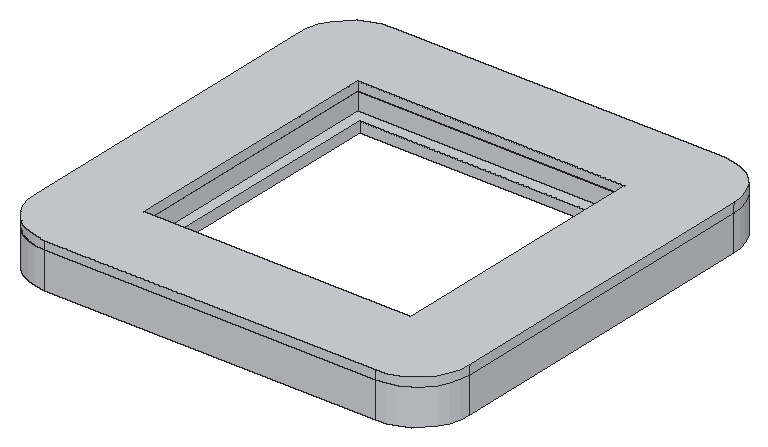
Revit family "Gira_0211410", category Electrical Fixtures, host Face, Revit 2017
Family settings
  Host = Face
  Maintain Annotation Orientation = No
  Round Connector Dimension = Use Diameter
  Part Type = Normal
  Cut with Voids When Loaded = No
  Shared = No
  Room Calculation Point = No
Parameters (values of type "Cov.fr. 1-g Gira E3 p.white/p.white")
  URL = "http://katalog.gira.de/en/datenblatt.html?artikelnr=0211410"
  Transparent = "No"
  Name = "Cov.fr. 1-g Gira E3 p.white/p.white"
  Manufacturer URL = "https://www.gira.de/"
  Manufacturer = "Gira"
  Keynote = ""
  HeinzeBIM = "https://bimportal.heinze.de/bim/cov-fr-1-g-gira-e3-p-white-p-white/e4158de824f81871bbc9d30e0a2e9c24c80d6536"
  HAN = "0211410"
  GTIN = "4010337023715"
  Description = "Cov.fr.1g E3 PwPw,Gira E3 cover frame,pure white glossy with pure white glossy intermediate frame,1-gang,Features:,- Shatter-proof."
  Default Elevation = 1219.2 mm
  Data sheet (1) = "https://katalog.gira.de/en/download.html?artikelnr=0211410"
  Category = "Cover frame for domestic switching devices"
  BIM (1) = "https://media.stage.bim.site/public/gira/36a6b08/E3_Rahmen_1fach.rfa"
  Available = "No"
Reference planes
  plane 1 "Center (Front/Back)": y = 0
  plane 2: z = 0
  plane 3 "Center (Left/Right)": x = 0
Forms (mm)
  Extrusion 1, solid, detail levels fine
    sketch origin (0, 0, 0) x (1, 0, 0) y (0, 1, 0)
      loop
        arc (-34.8, 45.809) -> (-42.585, 42.585) -> (-45.809, 34.8) r 11.009
        line (-45.809, 34.8) -> (-45.809, -34.8)
        arc (-45.809, -34.8) -> (-42.585, -42.585) -> (-34.8, -45.809) r 11.009
        line (-34.8, -45.809) -> (34.8, -45.809)
        arc (34.8, -45.809) -> (42.585, -42.585) -> (45.809, -34.8) r 11.009
        line (45.809, -34.8) -> (45.809, 34.8)
        arc (45.809, 34.8) -> (42.585, 42.585) -> (34.8, 45.809) r 11.009
        line (34.8, 45.809) -> (-34.8, 45.809)
      loop
        line (28.187, 28.156) -> (-28.187, 28.156) -> (-28.187, -28.156) -> (28.187, -28.156) -> (28.187, 28.156)
    from 7.65 to 9.5
  Extrusion 2, solid, detail levels fine
    sketch origin (0, 0, 0) x (1, 0, 0) y (0, 1, 0)
      loop
        line (25.7, 25.7) -> (-25.7, 25.7) -> (-25.7, -25.7) -> (25.7, -25.7) -> (25.7, 25.7)
      loop
        line (-28.187, -28.156) -> (28.187, -28.156) -> (28.187, 28.156) -> (-28.187, 28.156) -> (-28.187, -28.156)
    from 1.65 to 3.9
  Extrusion 3, solid, detail levels fine
    sketch origin (0, 0, 0) x (1, 0, 0) y (0, 1, 0)
      loop
        arc (-34.8, 45.809) -> (-42.585, 42.585) -> (-45.809, 34.8) r 11.009
        line (-45.809, 34.8) -> (-45.809, -34.8)
        arc (-45.809, -34.8) -> (-42.585, -42.585) -> (-34.8, -45.809) r 11.009
        line (-34.8, -45.809) -> (34.8, -45.809)
        arc (34.8, -45.809) -> (42.585, -42.585) -> (45.809, -34.8) r 11.009
        line (45.809, -34.8) -> (45.809, 34.8)
        arc (45.809, 34.8) -> (42.585, 42.585) -> (34.8, 45.809) r 11.009
        line (34.8, 45.809) -> (-34.8, 45.809)
      loop
        line (-43.843, 34.785) -> (-43.843, -34.785)
        arc (-43.843, -34.785) -> (-41.19, -41.19) -> (-34.785, -43.843) r 9.058
        line (-34.785, -43.843) -> (34.785, -43.843)
        arc (34.785, -43.843) -> (41.19, -41.19) -> (43.843, -34.785) r 9.058
        line (43.843, -34.785) -> (43.843, 34.785)
        arc (43.843, 34.785) -> (41.19, 41.19) -> (34.785, 43.843) r 9.058
        line (34.785, 43.843) -> (-34.785, 43.843)
        arc (-34.785, 43.843) -> (-41.19, 41.19) -> (-43.843, 34.785) r 9.058
    from 0 to 7.65
  Extrusion 4, solid, detail levels fine
    sketch origin (0, 0, 0) x (1, 0, 0) y (0, 1, 0)
      loop
        line (-27.337, -31.075) -> (27.337, -31.075)
        arc (27.337, -31.075) -> (29.98, -29.98) -> (31.075, -27.337) r 3.739
        line (31.075, -27.337) -> (31.075, 27.337)
        arc (31.075, 27.337) -> (29.98, 29.98) -> (27.337, 31.075) r 3.739
        line (27.337, 31.075) -> (-27.337, 31.075)
        arc (-27.337, 31.075) -> (-29.98, 29.98) -> (-31.075, 27.337) r 3.739
        line (-31.075, 27.337) -> (-31.075, -27.337)
        arc (-31.075, -27.337) -> (-29.98, -29.98) -> (-27.337, -31.075) r 3.739
      loop
        line (-29.925, 27.537) -> (-29.925, -27.537)
        arc (-29.925, -27.537) -> (-29.226, -29.226) -> (-27.537, -29.925) r 2.389
        line (-27.537, -29.925) -> (27.537, -29.925)
        arc (27.537, -29.925) -> (29.226, -29.226) -> (29.925, -27.537) r 2.389
        line (29.925, -27.537) -> (29.925, 27.537)
        arc (29.925, 27.537) -> (29.226, 29.226) -> (27.537, 29.925) r 2.389
        line (27.537, 29.925) -> (-27.537, 29.925)
        arc (-27.537, 29.925) -> (-29.226, 29.226) -> (-29.925, 27.537) r 2.389
    from 1.65 to 7.65
  Extrusion 5, solid, detail levels fine
    sketch origin (0, 0, 0) x (1, 0, 0) y (0, 1, 0)
      loop
        line (-32.053, -39.8) -> (32.053, -39.8)
        arc (32.053, -39.8) -> (37.667, -36.708) -> (39.9, -30.7) r 9.2
        line (39.9, -30.7) -> (39.9, 30.7)
        arc (39.9, 30.7) -> (37.205, 37.205) -> (30.7, 39.9) r 9.2
        line (30.7, 39.9) -> (-30.7, 39.9)
        arc (-30.7, 39.9) -> (-37.205, 37.205) -> (-39.9, 30.7) r 9.2
        line (-39.9, 30.7) -> (-39.9, -30.7)
        arc (-39.9, -30.7) -> (-37.667, -36.708) -> (-32.053, -39.8) r 9.2
      loop
        line (-30.7, -31.7) -> (30.7, -31.7)
        arc (30.7, -31.7) -> (31.407, -31.407) -> (31.7, -30.7) r 1
        line (31.7, -30.7) -> (31.7, 30.7)
        arc (31.7, 30.7) -> (31.407, 31.407) -> (30.7, 31.7) r 1
        line (30.7, 31.7) -> (-30.7, 31.7)
        arc (-30.7, 31.7) -> (-31.407, 31.407) -> (-31.7, 30.7) r 1
        line (-31.7, 30.7) -> (-31.7, -30.7)
        arc (-31.7, -30.7) -> (-31.407, -31.407) -> (-30.7, -31.7) r 1
    from 1.65 to 3.9
  Extrusion 6, solid, detail levels fine
    sketch origin (0, 0, 0) x (1, 0, 0) y (0, 1, 0)
      loop
        line (-28.187, 28.156) -> (-28.187, -28.156) -> (28.187, -28.156) -> (28.187, 28.156) -> (-28.187, 28.156)
      loop
        line (-29.925, 29.925) -> (-29.925, -29.925) -> (29.925, -29.925) -> (29.925, 29.925) -> (-29.925, 29.925)
    from 1.65 to 7.65
  Extrusion 7, solid, detail levels coarse+medium
    sketch origin (0, 0, 0) x (1, 0, 0) y (0, 1, 0)
      loop
        line (-45.809, 45.809) -> (-45.809, -45.809) -> (45.809, -45.809) -> (45.809, 45.809) -> (-45.809, 45.809)
    from 0 to 9.5
Dimensions and locks
  aligned and locked: plane 2 to host face
  aligned and locked: level to host face
